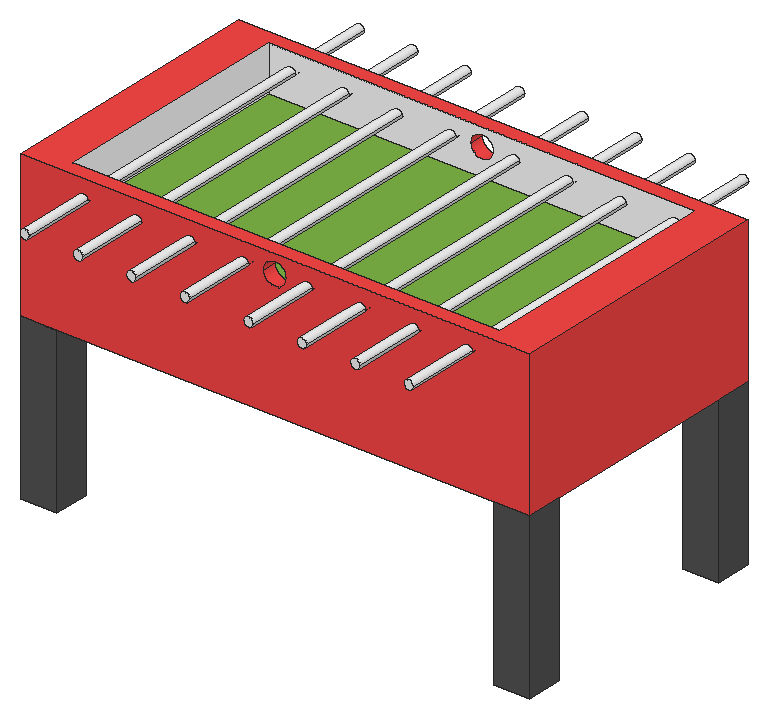
Revit family "RYN_FUR_FoosballTable", category Generic Models, host Floor, Revit 2025
Family settings
  Host = Floor
  Can host rebar = No
  Round Connector Dimension = Use Diameter
  Part Type = Undefined
  Always vertical = Yes
  Cut with Voids When Loaded = No
  Maintain Annotation Orientation = No
  Shared = No
  Room Calculation Point = No
Parameters
  Default Elevation = 0' - 0"
Reference planes (in)
  plane 1 "Center (Front/Back)": y = 0
  plane 2: z = 0
  plane 3 "Center (Left/Right)": x = 0
  plane 4: x = 28
  plane 5: x = -28
  plane 6 "Left": y = 15
  plane 7 "Right": y = -15
  plane 8 "TableBottom": z = 18
  plane 9 "Top of Table": z = 34
  plane 10: x = 3.5
  plane 11: x = 9.375
  plane 12: x = 15.25
  plane 13: x = 21.125
  plane 14: z = 32
Forms (in)
  Extrusion 1, solid, material "Red"
    sketch origin (0, 0, 18) x (-1, 0, 0) y (0, -1, 0)
      loop
        line (28, -15) -> (28, 15) -> (-28, 15) -> (-28, -15) -> (28, -15)
    from 0 to 16
  Extrusion 2, solid, material "Black"
    sketch origin (0, 0, 0) x (1, 0, 0) y (0, 1, 0)
      loop
        line (-28, -15) -> (-24, -15) -> (-24, -11) -> (-28, -11) -> (-28, -15)
      loop
        line (-28, 15) -> (-28, 10.99862) -> (-24, 10.99862) -> (-24, 15) -> (-28, 15)
      loop
        line (28, 15) -> (24, 15) -> (24, 11) -> (28, 11) -> (28, 15)
      loop
        line (28, -15) -> (28, -11) -> (24, -11) -> (24, -15) -> (28, -15)
    from 0 to 18
  Extrusion 3, void
    sketch origin (0, 0, 34) x (-1, 0, 0) y (0, -1, 0)
      loop
        line (23.5, -13.5) -> (23.5, 13.5) -> (-23.5, 13.5) -> (-23.5, -13.5) -> (23.5, -13.5)
    from 0 to -5
  Extrusion 4, void
    sketch origin (0, 15, 0) x (1, 0, 0) y (0, 0, 1)
      loop
        circle (0, 32) r 1.25
    from 0 to 60
  Extrusion 5, solid, material "MetalRods"
    sketch origin (0, 15, 0) x (1, 0, 0) y (0, 0, 1)
      loop
        circle (-21.125, 32) r 0.5
      loop
        circle (-15.25, 32) r 0.5
      loop
        circle (-9.375, 32) r 0.5
      loop
        circle (-3.5, 32) r 0.5
      loop
        circle (3.5, 32) r 0.5
      loop
        circle (9.375, 32) r 0.5
      loop
        circle (15.25, 32) r 0.5
      loop
        circle (21.125, 32) r 0.5
    from -8 to 38
Cuts and joins
  Extrusion 3, Extrusion 4 cuts Extrusion 1
Lines and regions (in)
  reference lines
    curve 1: line (-23.5, 15, 32) -> (23.5, 15, 32)
Dimensions and locks (in)
  equal spacing: host sketch curve, plane 1 "Center (Front/Back)", host sketch curve
  equal spacing: host sketch curve, plane 3 "Center (Left/Right)", host sketch curve
  host sketch curve to host sketch curve = 10' - 0"  (x2)
  aligned and locked: Extrusion 1 sketch curve to plane 5
  aligned and locked: Extrusion 1 sketch curve to plane 6 "Left"
  aligned and locked: Extrusion 1 sketch curve to plane 4
  aligned and locked: Extrusion 1 sketch curve to plane 7 "Right"
